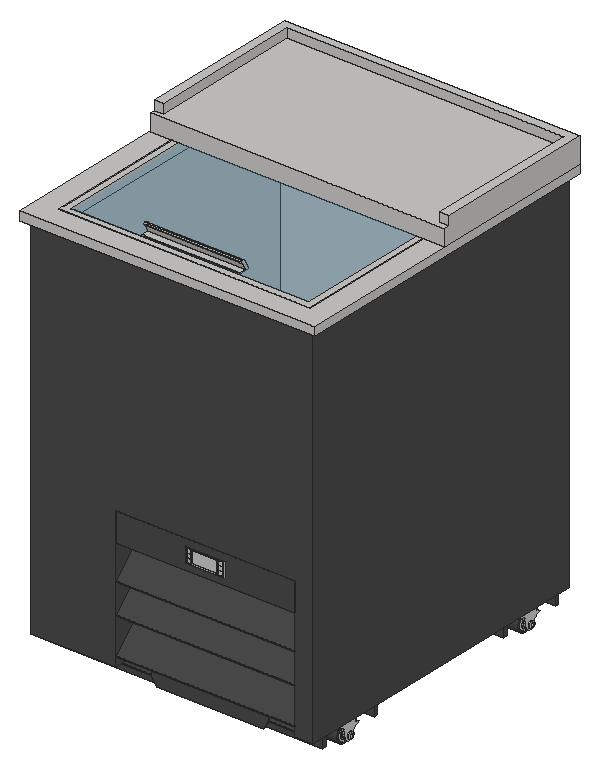
Revit family "QF_Kelvinator_738327_KCHGF24_Slide_Top_Mug_Glass_Froster_24_Long", category Specialty Equipment, Revit 2021
Family settings
  Round Connector Dimension = Use Diameter
  Part Type = Normal
  Work Plane-Based = No
  Always vertical = Yes
  Cut with Voids When Loaded = No
  Shared = No
  Room Calculation Point = No
Parameters
  Weight in Pounds = 121.254
  Watts = 700 W
  Volts = 120 V
  URL Cutsheet = ""
  Specification by User = ""
  Specification by Manufacturer = ""
  Serial Number = ""
  Seismic Rating = ""
  SMACNA No = ""
  Revision Code = ""
  Refrigerant Type = "R290"
  Phase = 1
  Number of Poles = 1
  NAFEM Spec ID Number = ""
  Model = "738327 (KCHGF24)"
  Min Ckt Ampacity = 0 A
  Max Overcurrent Protection = 0 A
  Masterspec = ""
  Manufacturer = "Kelvinator Commercial"
  Length = 24.094"
  Item Number = "738327"
  Installed By = ""
  Identify Quantity as Lot = yes
  Height = 34.843"
  HP = "1/5"
  Furnished By = ""
  Foodservice Equipment Identifier = yes
  FL Amps = 1.5 A
  Electrical Remarks = ""
  Electric Connection Type = ""
  Elec Conn RI Height = 0.000"
  Elec Conn Connection Height = 0.000"
  Description = "Slide Top Mug/Glass Froster 24\" Long"
  Depth = 27.047"
  Default Elevation = 0.000"
  Cycle = 60 Hz
  Conn Plug = "5-15P"
  Conn Conduit = yes
  CSI MasterFormat = ""
  Apparent Power = 0 VA
Reference planes (in)
  plane 1 "BACK": y = 0
  plane 2: z = 0
  plane 3 "LEFT": x = 0
  plane 4 "RIGHT": x = 24.094
  plane 5 "FRONT": y = -27.047
  plane 6 "TOP": z = 34.843
  plane 7 "Center Y": x = 12.047
  plane 8 "Center X": y = -13.5235
Dimensions and locks (in)
  equal spacing: plane 3 "LEFT", plane 7 "Center Y", plane 4 "RIGHT"
  "Length": plane 3 "LEFT" to plane 4 "RIGHT"
  equal spacing: plane 5 "FRONT", plane 8 "Center X", plane 1 "BACK"
  "Depth": plane 5 "FRONT" to plane 1 "BACK"
  "Height": plane 6 "TOP" to level
  aligned and locked: level to plane 2
Nested families (in)
  nested 1: "Family1" at (0, 0, 0), type "Family1"
Connectors (in)
  electrical at (10.2045, -1.10078, 1.25331), driven by "Volts", driven by "Watts"
    settings: on nested 1, index 1, voltage 120 V, apparent load 700 VA, apparent load phase1 0 VA, apparent load phase2 0 VA, apparent load phase3 0 VA, power factor 1, load classification "Power", number of poles 1, system type 30, power factor state 1, is connector primary yes, connector utility no, sub classification motor no, connector description "Electrical Connection"
Definition of nested family "Family1"
  Parameters (values of type "Family1")
    Weight in Pounds = 0
    URL Cutsheet = ""
    Specification by User = ""
    Specification by Manufacturer = ""
    Serial Number = ""
    Seismic Rating = ""
    SMACNA No = ""
    Revision Code = ""
    NAFEM Spec ID Number = ""
    Masterspec = ""
    Length = 24.094"
    Item Number = ""
    Installed By = ""
    Identify Quantity as Lot = yes
    Height = 34.843"
    Furnished By = ""
    Foodservice Equipment Identifier = yes
    Depth = 27.047"
    Default Elevation = 0.000"
    CSI MasterFormat = ""
  Reference planes (in)
    plane 1 "BACK": y = 0
    plane 2: z = 0
    plane 3 "LEFT": x = 0
    plane 4 "RIGHT": x = 24.094
    plane 5 "FRONT": y = -27.047
    plane 6 "TOP": z = 34.843
    plane 7 "Center Y": x = 12.047
    plane 8 "Center X": y = -13.5235
    plane 9: z = 1.7375
    plane 10: z = 13.2
    plane 11: x = 22.5565
    plane 12: x = 1.5
    plane 13: y = -26.5735
    plane 14: y = -0.4735
    plane 15: x = 23.5795
    plane 16: x = 0.5145
    plane 17: z = 32.7275
    plane 18: z = 32.0275
  Forms (in)
    Extrusion 1, solid
      sketch origin (0, 0, 0) x (0, 1, 0) y (0, 0, 1)
        loop
          line (-26.5735, 32.0275) -> (-26.5735, 1.7375) -> (-0.4735, 1.7375) -> (-0.4735, 32.0275) -> (-26.5735, 32.0275)
      from 0.5145 to 23.5795
    Extrusion 2, solid
      sketch origin (0, 0, 7.1225) x (0, 1, 0) y (0, 0, 1)
        loop
          line (-27.047, 24.905) -> (0, 24.905) -> (0, 25.605) -> (-27.047, 25.605) -> (-27.047, 24.905)
      from 0 to 24.094
    Extrusion 3, solid
      sketch origin (0, 0, 0) x (0, 1, 0) y (0, 0, 1)
        loop
          line (-13.75, 32.7275) -> (0, 32.7275) -> (0, 34.093) -> (-13.75, 34.093) -> (-13.75, 32.7275)
      from 0 to 24.094
    Extrusion 4, solid
      sketch origin (0, 0, 34.093) x (0, -1, 0) y (1, 0, 0)
        loop
          line (0, 24.094) -> (0, 0) -> (13.33441, 0) -> (13.33441, 0.75) -> (0.69634, 0.75) -> (0.69634, 23.344) -> (13.33441, 23.344) -> (13.33441, 24.094) -> (0, 24.094)
      from 0 to 0.75
    Extrusion 5, void
      sketch origin (0, 0.25, 32.7275) x (1, 0, 0) y (0, -1, 0)
        loop
          line (1.7475, 2.9345) -> (22.3065, 2.9345) -> (22.3065, 25.0345) -> (1.7475, 25.0345) -> (1.7475, 2.9345)
      from 0 to 17.9
    Extrusion 6, solid
      sketch origin (0, -27.047, 32.0275) x (1, 0, 0) y (0, -1, 0)
        loop
          line (2.35625, -16.74637) -> (21.8065, -16.74637) -> (21.8065, -2.2625) -> (2.35625, -2.2625) -> (2.35625, -16.74637)
      from 0 to -0.57542
    Extrusion 7, solid
      sketch origin (12.047, -181, 39.197) x (0, 0, -1) y (0, -1, 0)
        loop
          arc (6.4695, -156.32682) -> (6.4445, -156.30182) -> (6.4195, -156.32682) r 0.025
          line (6.4195, -156.32682) -> (6.4195, -156.96622) -> (5.86732, -156.69013)
          arc (5.86732, -156.69013) -> (5.79987, -156.64151) -> (5.75125, -156.57405) r 0.25955
          arc (5.75125, -156.57405) -> (5.69185, -156.58585) -> (5.65694, -156.63533) r 0.08161
          arc (5.65694, -156.63533) -> (5.67142, -156.77836) -> (5.77169, -156.8814) r 0.21839
          line (5.77169, -156.8814) -> (6.40165, -157.19639)
          arc (6.40165, -157.19639) -> (6.44727, -157.19433) -> (6.4695, -157.15445) r 0.04688
          line (6.4695, -157.15445) -> (6.4695, -156.32682)
      from -4 to 4
    Extrusion 8, void
      sketch origin (34.879, -27.76247, 48) x (0, -1, 0) y (0, 0, -1)
        loop
          line (-0.93897, 46.5) -> (-3.02319, 46.5) -> (-3.02319, 34.8) -> (-0.93897, 34.8) -> (-0.93897, 46.5)
      from -12.835 to -27.435
    Extrusion 9, solid
      sketch origin (16.28737, -26.5735, 2.88123) x (-1, 0, 0) y (0, 0, 1)
        loop
          line (3.11817, 9.70772) -> (-0.03143, 9.70772) -> (-0.03143, 8.52662) -> (3.11817, 8.52662) -> (3.11817, 9.70772)
        loop
          line (3.03943, 9.63107) -> (2.64573, 9.63107) -> (2.64573, 9.31193) -> (3.03943, 9.31193) -> (3.03943, 9.63107)
        loop
          line (3.03943, 9.27674) -> (2.64573, 9.27674) -> (2.64573, 8.9576) -> (3.03943, 8.9576) -> (3.03943, 9.27674)
        loop
          line (3.03943, 8.92241) -> (2.64573, 8.92241) -> (2.64573, 8.60327) -> (3.03943, 8.60327) -> (3.03943, 8.92241)
        loop
          line (0.04731, 9.63107) -> (0.04731, 9.31193) -> (0.44101, 9.31193) -> (0.44101, 9.63107) -> (0.04731, 9.63107)
        loop
          line (0.04731, 9.27674) -> (0.04731, 8.9576) -> (0.44101, 8.9576) -> (0.44101, 9.27674) -> (0.04731, 9.27674)
        loop
          line (0.04731, 8.92241) -> (0.04731, 8.60327) -> (0.44101, 8.60327) -> (0.44101, 8.92241) -> (0.04731, 8.92241)
        loop
          line (2.56825, 9.63107) -> (0.51849, 9.63107) -> (0.51849, 8.60716) -> (2.56825, 8.60716) -> (2.56825, 9.63107)
      from 0.07874 to -0.04602
    Extrusion 10, solid
      sketch origin (16.28737, -26.61952, 2.88123) x (1, 0, 0) y (0, 0, 1)
        loop
          line (-0.44101, 9.63107) -> (-0.44101, 9.31193) -> (-0.04731, 9.31193) -> (-0.04731, 9.63107) -> (-0.44101, 9.63107)
        loop
          line (-0.44101, 9.27674) -> (-0.44101, 8.9576) -> (-0.04731, 8.9576) -> (-0.04731, 9.27674) -> (-0.44101, 9.27674)
        loop
          line (-0.44101, 8.92241) -> (-0.44101, 8.60327) -> (-0.04731, 8.60327) -> (-0.04731, 8.92241) -> (-0.44101, 8.92241)
        loop
          line (-2.64573, 9.63107) -> (-3.03943, 9.63107) -> (-3.03943, 9.31193) -> (-2.64573, 9.31193) -> (-2.64573, 9.63107)
        loop
          line (-2.64573, 9.27674) -> (-3.03943, 9.27674) -> (-3.03943, 8.9576) -> (-2.64573, 8.9576) -> (-2.64573, 9.27674)
        loop
          line (-2.64573, 8.92241) -> (-3.03943, 8.92241) -> (-3.03943, 8.60327) -> (-2.64573, 8.60327) -> (-2.64573, 8.92241)
      from 0 to -0.07874
    Extrusion 11, solid
      sketch origin (16.28737, -26.61952, 2.88123) x (1, 0, 0) y (0, 0, 1)
        loop
          line (-2.56825, 9.63107) -> (-2.56825, 8.60716) -> (-0.51849, 8.60716) -> (-0.51849, 9.63107) -> (-2.56825, 9.63107)
      from 0 to -0.07874
    Extrusion 12, void
      sketch origin (16.28737, -26.5735, 2.88123) x (-1, 0, 0) y (0, 0, 1)
        loop
          line (3.11817, 9.70772) -> (-0.03143, 9.70772) -> (-0.03143, 8.52662) -> (3.11817, 8.52662) -> (3.11817, 9.70772)
      from 0 to 0.07874
    Extrusion 13, solid
      sketch origin (11.325, -0.575, 1.7375) x (-1, 0, 0) y (0, 1, 0)
        loop
          circle (1.1205, -0.52578) r 0.25
      from 0 to 0.48419
    Extrusion 14, solid
      sketch origin (0, 0, 32.7275) x (0, -1, 0) y (1, 0, 0)
        loop
          line (10.30063, 1.7475) -> (25.2845, 1.7475) -> (25.2845, 22.3065) -> (10.30063, 22.3065) -> (10.30063, 21.8065) -> (24.7845, 21.8065) -> (24.7845, 2.35625) -> (10.30063, 2.35625) -> (10.30063, 1.7475)
      from 0 to -0.75
    Extrusion 15, solid
      sketch origin (0.5145, 0, 0) x (0, -1, 0) y (0, 0, 1)
        loop
          line (25.547, 1.7375) -> (25.297, 1.7375) -> (25.297, 0.9875) -> (25.547, 0.9875) -> (25.547, 1.7375)
        loop
          line (20.01664, 1.7375) -> (20.01664, 0.9875) -> (20.26664, 0.9875) -> (20.26664, 1.7375) -> (20.01664, 1.7375)
        loop
          line (7.047, 1.7375) -> (6.797, 1.7375) -> (6.797, 0.9875) -> (7.047, 0.9875) -> (7.047, 1.7375)
        loop
          line (1.51664, 1.7375) -> (1.51664, 0.9875) -> (1.76664, 0.9875) -> (1.76664, 1.7375) -> (1.51664, 1.7375)
      from 0 to -23.065
    Extrusion 16, solid
      sketch origin (0, -26.5735, 1.7375) x (0, 0, 1) y (-1, 0, 0)
        loop
          line (9.0593, -7.444) -> (9.0593, -22.044) -> (11.4625, -22.044) -> (11.4625, -7.444) -> (9.0593, -7.444)
      from 0 to -1.789
    Extrusion 17, solid
      sketch origin (7.444, -27.76247, 48) x (0, -1, 0) y (0, 0, -1)
        loop
          line (-1.18897, 45.5125) -> (-3.02319, 43.67828) -> (-3.02319, 43.42828) -> (-2.96019, 43.42828) -> (-2.96019, 43.65218) -> (-1.18897, 45.4234) -> (-1.18897, 45.5125)
        loop
          line (-1.18897, 42.5125) -> (-3.02319, 40.67828) -> (-3.02319, 40.42828) -> (-2.96019, 40.42828) -> (-2.96019, 40.65218) -> (-1.18897, 42.4234) -> (-1.18897, 42.5125)
        loop
          line (-1.18897, 40.0125) -> (-3.02319, 38.17828) -> (-3.02319, 37.92828) -> (-2.96019, 37.92828) -> (-2.96019, 38.15218) -> (-1.18897, 39.9234) -> (-1.18897, 40.0125)
        loop
          line (-3.02319, 46.2625) -> (-3.02319, 46.1995) -> (-1.77319, 46.1995) -> (-1.77319, 46.2625) -> (-3.02319, 46.2625)
      from 0 to 14.6
    Extrusion 18, solid
      sketch origin (7.444, -25.98928, 1.8005) x (0, 0, -1) y (1, 0, 0)
        loop
          line (-0.687, 12.05) -> (-0.687, 2.55) -> (0.063, 2.55) -> (0.71252, 2.925) -> (0.71252, 11.675) -> (0.063, 12.05) -> (-0.687, 12.05)
      from 0 to 0.063
  Cuts and joins
    joined: Extrusion 3, Extrusion 4
    Extrusion 5, Extrusion 8 cuts Extrusion 1
    Extrusion 5 cuts Extrusion 2
    Extrusion 12 cuts Extrusion 9
  Lines and regions (in)
    symbolic lines
      curve 1: line (0.75, -0.69634, 0) -> (23.344, -0.69634, 0)
      curve 2: line (24.094, 0, 0) -> (0, 0, 0)
      curve 3: line (0.75, -13.33441, 0) -> (0.75, -0.69634, 0)
      curve 4: line (0, 0, 0) -> (0, -27.047, 0)
      curve 5: line (24.094, -27.047, 0) -> (24.094, 0, 0)
      curve 6: line (23.344, -0.69634, 0) -> (23.344, -13.33441, 0)
      curve 7: line (23.344, -13.33441, 0) -> (24.094, -13.33441, 0)
      curve 8: line (0, -13.75, 0) -> (24.094, -13.75, 0)
      curve 9: line (0, -13.33441, 0) -> (0.75, -13.33441, 0)
      curve 10: line (0, -27.047, 0) -> (24.094, -27.047, 0)
      curve 11: line (1.7475, -25.2845, 0) -> (22.3065, -25.2845, 0)
      curve 12: line (1.7475, -13.75, 0) -> (1.7475, -25.2845, 0)
      curve 13: line (2.35625, -13.75, 0) -> (2.35625, -24.7845, 0)
      curve 14: line (22.3065, -13.75, 0) -> (22.3065, -25.2845, 0)
      curve 15: line (21.8065, -13.75, 0) -> (21.8065, -24.7845, 0)
      curve 16: line (21.8065, -24.7845, 0) -> (2.35625, -24.7845, 0)
      curve 17: line (16.047, -24.42595, 0) -> (8.047, -24.42595, 0)
      curve 18: line (16.047, -24.69818, 0) -> (16.047, -23.79866, 0)
      curve 19: line (8.047, -23.79866, 0) -> (8.047, -24.69818, 0)
      curve 20: line (8.047, -23.79866, 0) -> (16.047, -23.79866, 0)
      curve 21: line (8.047, -24.69818, 0) -> (16.047, -24.69818, 0)
      curve 22: line (2.35625, -23.72382, 0) -> (21.8065, -23.72382, 0)
  Dimensions and locks (in)
    equal spacing: plane 3 "LEFT", plane 7 "Center Y", plane 4 "RIGHT"
    "Length": plane 3 "LEFT" to plane 4 "RIGHT"
    equal spacing: plane 5 "FRONT", plane 8 "Center X", plane 1 "BACK"
    "Depth": plane 5 "FRONT" to plane 1 "BACK"
    "Height": plane 6 "TOP" to level
    plane 10 to cut or joined group of Extrusion 1, Extrusion 5, Extrusion 8 = 11.4625"
    locked: plane 4 "RIGHT" to plane 11 at 1.5375
    plane 13 to plane 14 = 26.100"
    plane 16 to plane 15 = 23.065"
    plane 9 to level = 1.7375"
    plane 18 to plane 17 = 0.700"
    cut or joined group of Extrusion 1, Extrusion 5, Extrusion 8 to cut or joined group of Extrusion 1, Extrusion 5, Extrusion 8 = 22.100"
    locked: plane 15 to plane 4 "RIGHT" at 0.5145
    aligned and locked: level to plane 2
    aligned and locked: cut or joined group of Extrusion 3, Extrusion 4 to plane 4 "RIGHT"  (x2)
    aligned and locked: cut or joined group of Extrusion 2, Extrusion 5 to plane 4 "RIGHT"
    aligned and locked: plane 11 to nested 3
    aligned and locked: cut or joined group of Extrusion 2, Extrusion 5 to Extrusion 14
    aligned and locked: Extrusion 14 to curve 12
    aligned and locked: plane 11 to nested 1
    aligned and locked: Extrusion 6 to Extrusion 14
    aligned and locked: Extrusion 14 sketch curve to cut or joined group of Extrusion 2, Extrusion 5
    aligned and locked: cut or joined group of Extrusion 1, Extrusion 5, Extrusion 8 to Extrusion 17
    aligned and locked: cut or joined group of Extrusion 1, Extrusion 5, Extrusion 8 to plane 15
  Automatic sketch dimensions
    plane 1 "BACK" to Extrusion 1 sketch curve = 0.4735"
    Extrusion 1 sketch curve to plane 9 = 0.000"
    Extrusion 2 sketch curve to plane 5 "FRONT" = 0.000"
    Extrusion 2 sketch curve to plane 1 "BACK" = 0.000"
    Extrusion 3 sketch curve to plane 1 "BACK" = 0.000"
    Extrusion 3 sketch curve to plane 6 "TOP" = 0.750"
    Extrusion 2 to Extrusion 5 sketch curve = 1.7475"
    Extrusion 2 to Extrusion 5 sketch curve = 1.7875"
    Extrusion 5 sketch curve to Extrusion 2 = 2.2625"
    Extrusion 6 sketch curve to Extrusion 2 = 2.35625"
    Extrusion 6 sketch curve to Extrusion 2 = 2.2625"
    Extrusion 6 sketch curve to Extrusion 6 sketch curve = 19.45025"
    Extrusion 6 sketch curve to Extrusion 2 = 10.30063"
    Extrusion 9 sketch curve to plane 10 = 0.61105"
    Extrusion 9 sketch curve to Extrusion 9 sketch curve = 0.07874"  (x3)
    Extrusion 9 sketch curve to Extrusion 9 sketch curve = 0.000"  (x8)
    Extrusion 9 sketch curve to Extrusion 9 sketch curve = 0.3937"  (x2)
    Extrusion 9 sketch curve to Extrusion 9 sketch curve = 0.07748"  (x3)
    Extrusion 9 sketch curve to Extrusion 9 sketch curve = 2.04976"
    Extrusion 9 sketch curve to Extrusion 9 sketch curve = 0.07665"  (x2)
    Extrusion 9 sketch curve to Extrusion 9 sketch curve = 0.31914"  (x6)
    Extrusion 9 sketch curve to Extrusion 9 sketch curve = 0.03519"  (x4)
    Extrusion 9 sketch curve to Extrusion 9 sketch curve = 0.31525"
    Extrusion 9 to Extrusion 10 sketch curve = 0.000"  (x10)
    Extrusion 10 sketch curve to Extrusion 9 = 0.000"  (x14)
    Extrusion 11 sketch curve to Extrusion 9 = 0.000"  (x3)
    Extrusion 9 to Extrusion 11 sketch curve = 0.000"
    Extrusion 12 sketch curve to plane 10 = 0.61105"
    Extrusion 12 sketch curve to Extrusion 12 sketch curve = 3.14961"
    Extrusion 12 sketch curve to Extrusion 12 sketch curve = 1.1811"
    Extrusion 1 to Extrusion 13 sketch curve = 0.62728"
    Extrusion 13 sketch curve to Extrusion 1 = 13.375"
    Extrusion 2 sketch curve to Extrusion 2 sketch curve = 0.700"
    Extrusion 1 sketch curve to plane 6 "TOP" = 2.8155"
    Extrusion 2 sketch curve to plane 6 "TOP" = 2.8155"
    Extrusion 3 sketch curve to Extrusion 3 sketch curve = 1.3655"
    Extrusion 1 sketch curve to plane 5 "FRONT" = 0.4735"
    Extrusion 7 sketch curve to plane 6 "TOP" = 1.38232"
    Extrusion 7 sketch curve to Extrusion 7 sketch curve = 0.03537"
    Extrusion 7 sketch curve to Extrusion 7 sketch curve = 0.13101"
    Extrusion 7 sketch curve to Extrusion 7 sketch curve = 0.00203"
    Extrusion 7 sketch curve to Extrusion 7 sketch curve = 0.11405"
    Extrusion 7 sketch curve to Extrusion 7 sketch curve = 0.02097"
    Extrusion 7 sketch curve to Extrusion 7 sketch curve = 0.4611"
    Extrusion 7 sketch curve to Extrusion 7 sketch curve = 0.04688"
    Extrusion 7 sketch curve to plane 5 "FRONT" = 3.24339"
    Extrusion 7 sketch curve to Extrusion 7 sketch curve = 0.31498"
    Extrusion 7 sketch curve to Extrusion 7 sketch curve = 0.19128"
    Extrusion 7 sketch curve to Extrusion 7 sketch curve = 0.00406"
    Extrusion 7 sketch curve to Extrusion 7 sketch curve = 0.03584"
    Extrusion 7 sketch curve to Extrusion 7 sketch curve = 0.22809"
    Extrusion 7 sketch curve to Extrusion 7 sketch curve = 0.13115"
    Extrusion 7 sketch curve to Extrusion 7 sketch curve = 0.000"
    Extrusion 7 sketch curve to Extrusion 7 sketch curve = 0.00312"
    Extrusion 7 sketch curve to Extrusion 7 sketch curve = 0.18824"
    Extrusion 3 sketch curve to plane 8 "Center X" = 0.2265"
    plane 1 "BACK" to curve 4 = 0.000"
    curve 4 to plane 3 "LEFT" = 0.000"
    curve 5 to plane 4 "RIGHT" = 0.000"
    plane 5 "FRONT" to curve 5 = 0.000"
    plane 3 "LEFT" to curve 3 = 0.750"
    curve 21 to plane 7 "Center Y" = 4.000"
    curve 11 to curve 16 = 0.500"
    plane 8 "Center X" to curve 9 = 0.18909"
    plane 8 "Center X" to curve 7 = 0.18909"
    curve 19 to curve 17 = 0.27223"
    curve 12 to plane 8 "Center X" = 0.2265"
    Extrusion 2 to Extrusion 14 sketch curve = 1.7475"
    Extrusion 2 to Extrusion 14 sketch curve = 10.30063"  (x2)
    Extrusion 2 to Extrusion 14 sketch curve = 2.2875"
    Extrusion 14 sketch curve to Extrusion 2 = 2.2625"
    Extrusion 14 sketch curve to Extrusion 14 sketch curve = 0.500"
    Extrusion 14 sketch curve to Extrusion 14 sketch curve = 0.60875"
    curve 12 to plane 5 "FRONT" = 1.7625"
    curve 19 to plane 5 "FRONT" = 2.34882"
    curve 17 to curve 20 = 0.62728"
    curve 13 to curve 22 = 1.06068"
    curve 1 to plane 14 = 0.22284"
    curve 11 to plane 11 = 0.250"
    curve 15 to curve 11 = 0.500"
    plane 7 "Center Y" to curve 18 = 4.000"
    Extrusion 9 sketch curve to plane 11 = 6.2377"
    Extrusion 12 sketch curve to plane 11 = 6.2377"
    curve 11 to curve 13 = 0.60875"
    Extrusion 2 to Extrusion 5 sketch curve = 2.6845"
    Extrusion 1 to Extrusion 15 sketch curve = 0.000"  (x4)
    Extrusion 15 sketch curve to Extrusion 1 = 1.04314"
    Extrusion 15 sketch curve to Extrusion 15 sketch curve = 0.250"  (x4)
    Extrusion 1 to Extrusion 15 sketch curve = 0.750"
    Extrusion 15 sketch curve to Extrusion 15 sketch curve = 5.03036"
    Extrusion 15 sketch curve to Extrusion 1 = 6.55686"
    Extrusion 15 sketch curve to Extrusion 1 = 1.2765"
    Extrusion 15 sketch curve to Extrusion 15 sketch curve = 0.750"  (x3)
    plane 9 to Extrusion 8 sketch curve = 0.2375"
    Extrusion 8 sketch curve to plane 13 = 1.83422"
    plane 5 "FRONT" to Extrusion 8 sketch curve = 0.2235"
    plane 10 to Extrusion 8 sketch curve = 0.000"
    Extrusion 1 to Extrusion 16 sketch curve = 1.5355"
    Extrusion 16 sketch curve to Extrusion 1 = 9.0593"
    Extrusion 16 sketch curve to Extrusion 16 sketch curve = 2.4032"
    Extrusion 16 sketch curve to Extrusion 16 sketch curve = 14.600"
    Extrusion 17 sketch curve to Extrusion 8 = 0.000"  (x4)
    Extrusion 8 to Extrusion 17 sketch curve = 0.063"  (x2)
    Extrusion 17 sketch curve to Extrusion 17 sketch curve = 0.063"  (x2)
    Extrusion 8 to Extrusion 17 sketch curve = 0.250"  (x3)
    Extrusion 8 to Extrusion 17 sketch curve = 0.2375"
    Extrusion 17 sketch curve to Extrusion 17 sketch curve = 0.687"
    Extrusion 17 sketch curve to Extrusion 17 sketch curve = 0.0891"  (x3)
    Extrusion 17 sketch curve to Extrusion 17 sketch curve = 2.52122"
    Extrusion 17 sketch curve to Extrusion 17 sketch curve = 0.0261"  (x3)
    Extrusion 17 sketch curve to Extrusion 17 sketch curve = 0.2239"  (x3)
    Extrusion 17 sketch curve to Extrusion 17 sketch curve = 0.91578"
    Extrusion 17 sketch curve to Extrusion 17 sketch curve = 1.74513"
    Extrusion 17 sketch curve to Extrusion 17 sketch curve = 0.41578"
    Extrusion 17 sketch curve to Extrusion 17 sketch curve = 2.250"
    Extrusion 8 to Extrusion 17 sketch curve = 0.83422"
    Extrusion 18 sketch curve to Extrusion 17 = 0.000"  (x2)
    Extrusion 18 sketch curve to Extrusion 17 = 0.64952"
    Extrusion 17 to Extrusion 18 sketch curve = 2.550"
    Extrusion 18 sketch curve to Extrusion 18 sketch curve = 0.375"  (x2)
    Extrusion 17 to Extrusion 18 sketch curve = 2.925"
    Extrusion 18 sketch curve to Extrusion 17 = 0.687"
    curve 6 to plane 15 = 0.2355"
    Extrusion 4 sketch curve to Extrusion 3 = 0.000"  (x3)
    Extrusion 3 to Extrusion 4 sketch curve = 0.69634"
    Extrusion 4 sketch curve to Extrusion 3 = 0.41559"  (x2)
    Extrusion 3 to Extrusion 4 sketch curve = 0.750"  (x2)
    radius of Extrusion 13 sketch curve = 0.250"
  Nested families (in)
    nested 1: "2 INCHES_CASTER" at (22.5565, -23.25, 0), type "2 INCHES_CASTER"
      with Type Mark "", Specification by User "", Revision Code "", Item Number "", Installed By "", Identify Quantity as Lot yes, Furnished By "", Foodservice Equipment Identifier yes, 2.5 Inches Caster yes
    nested 2: "2 INCHES_CASTER" at (1.5, -23.25, 0), type "2 INCHES_CASTER"
      with Type Mark "", Specification by User "", Revision Code "", Item Number "", Installed By "", Identify Quantity as Lot yes, Furnished By "", Foodservice Equipment Identifier yes, 2.5 Inches Caster yes
    nested 3: "2 INCHES_CASTER" at (22.5565, -4.75, 0), type "2 INCHES_CASTER"
      with Type Mark "", Specification by User "", Revision Code "", Item Number "", Installed By "", Identify Quantity as Lot yes, Furnished By "", Foodservice Equipment Identifier yes, 2.5 Inches Caster yes
    nested 4: "2 INCHES_CASTER" at (1.5, -4.75, 0), type "2 INCHES_CASTER"
      with Type Mark "", Specification by User "", Revision Code "", Item Number "", Installed By "", Identify Quantity as Lot yes, Furnished By "", Foodservice Equipment Identifier yes, 2.5 Inches Caster yes
  Definition of nested family "2 INCHES_CASTER"
    Parameters (values of type "2 INCHES_CASTER")
      Weight = ""
      URL Manufacturer = ""
      URL Cutsheet = ""
      URL = ""
      Type Mark [instance] = ""
      Specification by User [instance] = ""
      Specification by Manufacturer = ""
      Serial Number = ""
      Seismic Rating = ""
      SMACNA No = ""
      Revision Code [instance] = ""
      Omniclass Number and Title = ""
      NAFEM Spec ID Number = ""
      Model = ""
      MasterSpec. = ""
      Manufacturer = ""
      Item Number [instance] = ""
      Installed By [instance] = ""
      Identify Quantity as Lot [instance] = yes
      Furnished By [instance] = ""
      Foodservice Equipment Identifier [instance] = yes
      Description = ""
      Default Elevation = 0.000"
      CSI MasterFormat = ""
      CSI Master Format = ""
      Assembly Code = ""
      2.5 Inches Caster [instance] = yes
    Reference planes (in)
      plane 1: z = 0
      plane 2 "RIGHT": x = 0
      plane 3 "FRONT": y = 0
      plane 4 "TOP": z = 1.8125
    Forms (in)
      Revolve 1, solid, visible <- "2.5 Inches Caster"
        sketch origin (-1.93794, 0.46818, -1.0041) x (1, 0, 0) y (0, 0, 1)
          loop
            line (0.74055, 1.73847) -> (0.74055, 1.66297) -> (0.79055, 1.61297) -> (0.85055, 1.61297) -> (0.85055, 1.4929) -> (1.235, 1.4929) -> (1.235, 1.42555) -> (1.38673, 1.33795) -> (1.4003, 1.2541) -> (1.34375, 1.2541) -> (1.34375, 1.1291) -> (1.375, 1.1291) -> (1.375, 1.0041) -> (2.48438, 1.0041) -> (2.48438, 1.1291) -> (2.51563, 1.1291) -> (2.51563, 1.2541) -> (2.45908, 1.2541) -> (2.47322, 1.34147) -> (2.62438, 1.42874) -> (2.62438, 1.4929) -> (3.04007, 1.4929) -> (3.04007, 1.61297) -> (3.10007, 1.61297) -> (3.15007, 1.66297) -> (3.15007, 1.73847) -> (0.74055, 1.73847)
          axis (0.74055, 1.73847) -> (3.15007, 1.73847)
        angle from 0 to 360
      Extrusion 2, solid, visible <- "2.5 Inches Caster"
        sketch origin (-1.93794, 1.43296, -3.54027) x (0, 1, 0) y (0, 0, 1)
          loop
            line (-0.72106, 5.25902) -> (-2.13481, 5.25902) -> (-2.13481, 5.15394) -> (-1.37414, 5.15394)
            arc (-1.37414, 5.15394) -> (-0.65149, 5.07387) -> (0.00081, 4.75271) r 2.10495
            line (0.00081, 4.75271) -> (0.049, 4.81943)
            arc (0.049, 4.81943) -> (-0.15067, 4.97001) -> (-0.36861, 5.09269) r 1.8753
            line (-0.36861, 5.09269) -> (-0.31311, 5.18871)
            arc (-0.31311, 5.18871) -> (-0.51408, 5.24132) -> (-0.72106, 5.25902) r 1.21859
        from 1.17357 to 2.70231
      Revolve 3, solid, visible <- "2.5 Inches Caster"
        sketch origin (0, 1.73858, -3.875) x (0, 1, 0) y (0, 0, 1)
          loop
            line (-1.73858, 5.59375) -> (-1.05793, 5.59375) -> (-1.05793, 5.6875) -> (-1.73858, 5.6875) -> (-1.73858, 5.59375)
          axis (-1.73858, 5.59375) -> (-1.73858, 5.6875)
        angle from 0 to 360
      Extrusion 4, solid, visible <- "2.5 Inches Caster"
        sketch origin (-1.98481, 1.43296, -1.8791) x (0, 1, 0) y (0, 0, 1)
          loop
            line (-2.13481, 3.59785) -> (-2.13481, 3.49277) -> (-1.87092, 3.49277)
            arc (-1.87092, 3.49277) -> (-1.53728, 3.22119) -> (-1.39241, 2.81612) r 0.80048
            arc (-1.39241, 2.81612) -> (-1.36136, 2.62044) -> (-1.29729, 2.43295) r 1.15385
            arc (-1.29729, 2.43295) -> (-0.94802, 2.21237) -> (-0.6121, 2.45278) r 0.37001
            arc (-0.6121, 2.45278) -> (-0.59625, 2.50123) -> (-0.58446, 2.55082) r 0.61695
            arc (-0.58446, 2.55082) -> (-0.40614, 2.91904) -> (-0.02203, 3.05992) r 0.54585
            line (-0.02203, 3.05992) -> (0.049, 3.15825)
            arc (0.049, 3.15825) -> (-0.15067, 3.30884) -> (-0.36861, 3.43151) r 1.8753
            line (-0.36861, 3.43151) -> (-0.31311, 3.52753)
            arc (-0.31311, 3.52753) -> (-0.51408, 3.58014) -> (-0.72106, 3.59785) r 1.21859
            line (-0.72106, 3.59785) -> (-2.13481, 3.59785)
        from 2.74918 to 2.90825
      Extrusion 5, solid, visible <- "2.5 Inches Caster"
        sketch origin (1.98481, 1.43296, -1.8791) x (0, 1, 0) y (0, 0, -1)
          loop
            line (-2.13481, -3.59785) -> (-0.72106, -3.59785)
            arc (-0.72106, -3.59785) -> (-0.51408, -3.58014) -> (-0.31311, -3.52753) r 1.21859
            line (-0.31311, -3.52753) -> (-0.36861, -3.43151)
            arc (-0.36861, -3.43151) -> (-0.15067, -3.30884) -> (0.049, -3.15825) r 1.8753
            line (0.049, -3.15825) -> (-0.02203, -3.05992)
            arc (-0.02203, -3.05992) -> (-0.40614, -2.91904) -> (-0.58446, -2.55082) r 0.54585
            arc (-0.58446, -2.55082) -> (-0.59625, -2.50123) -> (-0.6121, -2.45278) r 0.61695
            arc (-0.6121, -2.45278) -> (-0.94802, -2.21237) -> (-1.29729, -2.43295) r 0.37001
            arc (-1.29729, -2.43295) -> (-1.36136, -2.62044) -> (-1.39241, -2.81612) r 1.15385
            arc (-1.39241, -2.81612) -> (-1.53728, -3.22119) -> (-1.87092, -3.49277) r 0.80048
            line (-1.87092, -3.49277) -> (-2.13481, -3.49277) -> (-2.13481, -3.59785)
        from 2.74918 to 2.90825
    Cuts and joins
      joined: Revolve 1, Extrusion 2, Revolve 3, Extrusion 4, Extrusion 5
    Lines and regions (in)
      symbolic lines, visible <- "2.5 Inches Caster"
        curve 1: line (0.10651, 1.59133, 0) -> (0.80944, 1.1855, 0)
        curve 2: line (-0.89349, -0.14072, 0) -> (0.10651, 1.59133, 0)
        curve 3: line (-0.19056, -0.54656, 0) -> (-0.89349, -0.14072, 0)
        curve 4: line (0.80944, 1.1855, 0) -> (-0.19056, -0.54656, 0)
    Dimensions and locks (in)
      plane 4 "TOP" to level = 1.8125"  (x2)
      aligned and locked: level to plane 1
